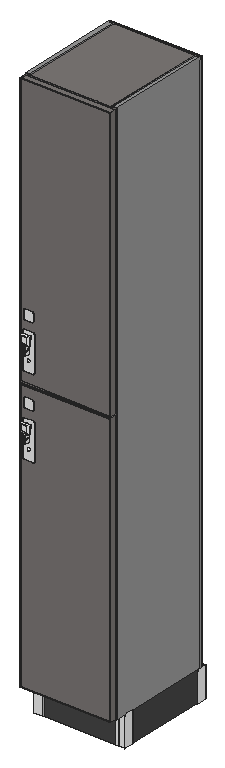
Revit family "Wood_Lockers_Hasps-Salsbury_Industries-42000_Series-1_Wide_Units.rfa", category Specialty Equipment, Revit 2016
Family settings
  Part Type = Normal
  Round Connector Dimension = Use Diameter
  OmniClass Number = 23.40.00.00
  OmniClass Title = Equipment and Furnishings
  Work Plane-Based = No
  Always vertical = Yes
  Cut with Voids When Loaded = No
  Shared = No
  Room Calculation Point = No
Parameters (values of type "42165")
  Width = 12.000"
  Version = "1.0 (01/31/24)"
  Unit Height including Sloping Hood Only [instance] = 77.743"
  Unit Height including Base Only [instance] = 76.000"
  URL = "www.lockers.com"
  Type Comments = "Premier Wood Lockers - Double Tier - with Hasps"
  Total Doors Height [instance] = if(Unit Height = 72.000", 71.750", if(Unit Height = 60.000", 59.750", 0.000"))  # 71.750"
  Sloping Top Corner Filler - Right Side [instance] = Wood Locker Sloping Corner Fillers : None
  Sloping Top Corner Filler - Left Side [instance] = Wood Locker Sloping Corner Fillers : None
  Sloping In-Line Filler - Right Side [instance] = Wood Locker Sloping In-Line Fillers : None
  Sloping In-Line Filler - Left Side [instance] = Wood Locker Sloping In-Line Fillers : None
  Sloping Hood Height = if(Depth = 15.000", 5.743", if(Depth = 18.000", 6.868", if(Depth = 21.000", 7.993", if(Depth = 24.000", 9.118", 0.000"))))  # 5.743"
  Sloping Hood [instance] = Wood Locker Sloping Hoods : None
  Side Panel without Slope - Right Side [instance] = Wood Locker Side Panels-No Slope : None
  Side Panel without Slope - Left Side [instance] = Wood Locker Side Panels-No Slope : None
  Side Panel with Slope - Right Side [instance] = Wood Locker Side Panels-With Slope : None
  Side Panel with Slope - Left Side [instance] = Wood Locker Side Panels-With Slope : None
  Secondary Structure Materials = Particle Board Industrial Grade - Salsbury Finish - Black Melamine Overlay
  Primary Structure Materials = Particle Board Industrial Grade - Salsbury Finish - Plain
  Overall Unit Height including Base and Sloping Hood [instance] = 81.743"
  OmniClass 23 Title = "Equipment and Furnishings"
  OmniClass 23 Number = "23.40.00.00"
  Model = "42165"
  MasterFormat Title = "Lockers"
  MasterFormat Code = "10 51 23"
  Manufacturer = "Salsbury Industries"
  Laminate Surface [instance] = Industrial Grade Particleboard with Wood Laminate - Salsbury Finish - Skyline Walnut
  Interior Material = Textured Melamine - Salsbury Finish - White
  Individual Door Width [instance] = 11.875"
  Unit Height = 72.000"
  Individual Door Height = if(Unit Height = 72.000", 35.781", if(Unit Height = 60.000", 29.781", 0.000"))  # 35.781"
  Hardware = Aluminum - Salsbury Finish - Black Satin
  Front Vertical Filler - Right Side [instance] = Wood Locker Front Fillers : None
  Front Vertical Filler - Left Side [instance] = Wood Locker Front Fillers : None
  Front Corner Filler - Right Side [instance] = Wood Locker Front Corner Filler : None
  Front Corner Filler - Left Side [instance] = Wood Locker Front Corner Filler : None
  Flat Top In-Line Filler - Right Side [instance] = Wood Locker Flat In-Line Fillers : None
  Flat Top In-Line Filler - Left Side [instance] = Wood Locker Flat In-Line Fillers : None
  Flat Top Corner Filler - Right Side [instance] = Wood Locker Flat Corner Fillers : None
  Flat Top Corner Filler - Left Side [instance] = Wood Locker Flat Corner Fillers : None
  Fascia Filler [instance] = Wood Locker Fascia Fillers : None
  Double Side Panel without Slope - Right Side [instance] = Wood Locker Double Side Panels-No Slope : None
  Double Side Panel without Slope - Left Side [instance] = Wood Locker Double Side Panels-No Slope : None
  Double Side Panel with Slope - Right Side [instance] = Wood Locker Double Side Panels-With Slope : None
  Double Side Panel with Slope - Left Side [instance] = Wood Locker Double Side Panels-With Slope : None
  Door Location D2 = Premier Locker Doors_Hasp : Double Tier Door-2 for Six Foot High Locker
  Door Location D1 = Premier Locker Doors_Hasp : Double Tier Door-1 for Six Foot High Locker
  Description = "1 Wide - 6 Feet High - 15 inches Deep - with Base"
  Depth = 15.000"
  Compartment Width [instance] = 10.750"
  Compartment Height [instance] = if(Unit Height = 72.000", 34.875", if(Unit Height = 60.000", 28.875", 0.000"))  # 34.875"
  Compartment Depth [instance] = 13.750"
  Base Material = Particle Board Industrial Grade - Salsbury Finish - Black Melamine Overlay
  Base Height = 4.000"
  Base Depth [instance] = 13.250"
  Base = Wood Locker Bases : Base - 12" W x 15" D Lockers
  Assembly Code = "C1030310"
Reference planes (in)
  plane 1 "Center (Front/Back)": y = 0
  plane 2: z = 0
  plane 3 "Center (Left/Right)": x = 0
  plane 4 "Right Side of Unit": x = 6
  plane 5 "Left Side of Unit": x = -6
  plane 6 "Back of Unit": y = 7.5
  plane 7 "Front of Unit": y = -7.5
  plane 8 "Bottom of Base": z = 0
  plane 9 "Top Edge of Unit": z = 76
  plane 10 "Top of Base Edge": z = 4
  plane 11: z = 81.743
  plane 12 "Right Compartment Edge": x = 5.406
  plane 13 "Left Compartment Edge": x = -5.406
  plane 14 "Front Melamine Edge": y = -6.5
  plane 15 "Back Compartment Edge": y = 7.281
  plane 16 "Front Compartment Edge": y = -6.469
  plane 17 "Front Edge of Base": y = -5.125
  plane 18 "Bottom Edge of Door": z = 4.125
  plane 19 "Top Edge of Door": z = 75.875
  plane 20 "Bottom Compartment Edge": z = 4.75
  plane 21 "Top Compartment Edge": z = 75.25
  plane 22 "Center Top and Bottom": z = 40
  plane 23 "Left Melamine Edge": x = -5.375
  plane 24 "Right Melamine Edge": x = 5.375
  plane 25 "Back Melamine Edge": y = 7.25
  plane 26 "Left Edge of Door": x = -5.875
  plane 27: y = 8.125
  plane 28: y = -5.75
  plane 29 "Base / Ventillation Alignment": y = 8.125
  plane 30 "Compartment Shelf": z = 40.375
  plane 31: z = 39.625
  plane 32: z = 39.906
  plane 33: z = 40.094
  plane 34 "5" Shelf top": z = 70.75
  plane 35: z = 70
  plane 36 "Front of Shelf": y = 2.25
  plane 37 "5" Shelf Bottom": z = 35.125
  plane 38: z = 34.375
  plane 39: y = 2.281
Forms (in)
  Extrusion 1, solid, material "Particle Board Industrial Grade - Salsbury Finish - Plain" <- "Primary Structure Materials"
    sketch origin (6, 0, 0) x (0, -1, 0) y (0, 0, 1)
      loop
        line (6.469, 76) -> (-7.25, 76) -> (-7.25, 4) -> (6.469, 4) -> (6.469, 76)
    from 0 to 0.594
  Extrusion 2, solid, material "Particle Board Industrial Grade - Salsbury Finish - Plain" <- "Primary Structure Materials"
    sketch origin (-6, 0, 0) x (0, -1, 0) y (0, 0, 1)
      loop
        line (-7.25, 76) -> (-7.25, 4) -> (6.469, 4) -> (6.469, 76) -> (-7.25, 76)
    from 0 to -0.594
  Extrusion 3, solid, material "Textured Melamine - Salsbury Finish - White" <- "Interior Material"
    sketch origin (0, 0, 4) x (0, -1, 0) y (1, 0, 0)
      loop
        line (-7.25, -5.375) -> (6.469, -5.375) -> (6.469, 5.375) -> (-7.25, 5.375) -> (-7.25, -5.375)
    from 0 to 0.75
  Extrusion 4, solid, material "Industrial Grade Particleboard with Wood Laminate - Salsbury Finish - Skyline Walnut" <- "Laminate Surface"
    sketch origin (-0.375, 0.375, 76) x (-1, 0, 0) y (0, -1, 0)
      loop
        line (-5.75, -6.875) -> (5, -6.875) -> (5, 6.875) -> (-5.75, 6.875) -> (-5.75, -6.875)
    from 0 to -0.75
  Extrusion 5, solid, material "Particle Board Industrial Grade - Salsbury Finish - Plain" <- "Primary Structure Materials"
    sketch origin (0, 7.5, 0) x (1, 0, 0) y (0, 0, 1)
      loop
        line (-6, 76) -> (-6, 4) -> (6, 4) -> (6, 76) -> (-6, 76)
    from 0 to 0.219
  Extrusion 6, solid, material "Industrial Grade Particleboard with Wood Laminate - Salsbury Finish - Skyline Walnut" <- "Laminate Surface"
    sketch origin (0, -6.469, 0) x (1, 0, 0) y (0, 0, 1)
      loop
        line (-6, 76) -> (-6, 4) -> (-5.375, 4) -> (-5.375, 76) -> (-6, 76)
    from 0 to 0.031
  Extrusion 7, solid, material "Industrial Grade Particleboard with Wood Laminate - Salsbury Finish - Skyline Walnut" <- "Laminate Surface"
    sketch origin (0, -6.469, 0) x (-1, 0, 0) y (0, 0, -1)
      loop
        line (-6, -76) -> (-5.375, -76) -> (-5.375, -4) -> (-6, -4) -> (-6, -76)
    from 0 to 0.031
  Extrusion 8, solid, material "Textured Melamine - Salsbury Finish - White" <- "Interior Material"
    sketch origin (0, 7.25, 0) x (1, 0, 0) y (0, 0, 1)
      loop
        line (-6, 76) -> (-6, 4) -> (6, 4) -> (6, 76) -> (-6, 76)
    from -0.031 to 0
  Extrusion 9, solid, material "Textured Melamine - Salsbury Finish - White" <- "Interior Material"
    sketch origin (-5.406, 0, 0) x (0, -1, 0) y (0, 0, 1)
      loop
        line (-7.25, 76) -> (-7.25, 4) -> (6.469, 4) -> (6.469, 76) -> (-7.25, 76)
    from 0 to -0.031
  Extrusion 10, solid, material "Textured Melamine - Salsbury Finish - White" <- "Interior Material"
    sketch origin (5.406, 0, 0) x (0, -1, 0) y (0, 0, 1)
      loop
        line (6.469, 76) -> (-7.25, 76) -> (-7.25, 4) -> (6.469, 4) -> (6.469, 76)
    from 0 to 0.031
  Extrusion 11, solid, material "Textured Melamine - Salsbury Finish - White" <- "Interior Material", detail levels fine
    sketch origin (0, 0, 40.375) x (0, -1, 0) y (1, 0, 0)
      loop
        line (-7.25, -5.375) -> (6.469, -5.375) -> (6.469, 5.375) -> (-7.25, 5.375) -> (-7.25, -5.375)
    from 0 to -0.75
  Extrusion 12, solid, material "Textured Melamine - Salsbury Finish - White" <- "Interior Material"
    sketch origin (0, 0, 70.75) x (0, -1, 0) y (1, 0, 0)
      loop
        line (-7.25, -5.375) -> (-2.281, -5.375) -> (-2.281, 5.375) -> (-7.25, 5.375) -> (-7.25, -5.375)
    from 0 to -0.75
  Extrusion 13, solid, material "Textured Melamine - Salsbury Finish - White" <- "Interior Material"
    sketch origin (0, 0, 35.125) x (0, -1, 0) y (1, 0, 0)
      loop
        line (-7.25, -5.375) -> (-2.281, -5.375) -> (-2.281, 5.375) -> (-7.25, 5.375) -> (-7.25, -5.375)
    from 0 to -0.75
  Extrusion 14, solid, material "Industrial Grade Particleboard with Wood Laminate - Salsbury Finish - Skyline Walnut" <- "Laminate Surface"
    sketch origin (0, -6.5, 0) x (1, 0, 0) y (0, 0, 1)
      loop
        line (-5.375, 40.375) -> (-5.375, 39.625) -> (5.375, 39.625) -> (5.375, 40.375) -> (-5.375, 40.375)
    from 0 to -0.031
  Extrusion 15, solid, material "Industrial Grade Particleboard with Wood Laminate - Salsbury Finish - Skyline Walnut" <- "Laminate Surface"
    sketch origin (0, -6.5, 0) x (1, 0, 0) y (0, 0, 1)
      loop
        line (-5.375, 4.75) -> (-5.375, 4) -> (5.375, 4) -> (5.375, 4.75) -> (-5.375, 4.75)
    from 0 to -0.031
  Extrusion 16, solid, material "Industrial Grade Particleboard with Wood Laminate - Salsbury Finish - Skyline Walnut" <- "Laminate Surface"
    sketch origin (0, 2.25, 0) x (1, 0, 0) y (0, 0, 1)
      loop
        line (-5.375, 70.75) -> (-5.375, 70) -> (5.375, 70) -> (5.375, 70.75) -> (-5.375, 70.75)
    from 0 to -0.031
  Extrusion 17, solid, material "Industrial Grade Particleboard with Wood Laminate - Salsbury Finish - Skyline Walnut" <- "Laminate Surface"
    sketch origin (0, 2.25, -35.625) x (1, 0, 0) y (0, 0, 1)
      loop
        line (-5.375, 70.75) -> (-5.375, 70) -> (5.375, 70) -> (5.375, 70.75) -> (-5.375, 70.75)
    from 0 to -0.031
Lines and regions (in)
  symbolic lines
    curve 1: line (-6, 7.25, 76) -> (6.00006, 7.25, 76)
    curve 2: line (-6, 7.25, 0) -> (-6, 7.25, 76)
    curve 3: line (6.00006, 7.25, 76) -> (6.00006, 7.25, 0)
    curve 4: line (5.406, -6.5, 76) -> (5.406, 8.125, 76)
    curve 5: line (5.406, -6.5, 0) -> (5.406, -6.5, 76)
    curve 6: line (5.406, 8.125, 76) -> (5.406, 8.125, 0)
    curve 7: line (6.00006, 7.25, 0) -> (-6, 7.25, 0)
    curve 8: line (5.406, -5.125, 0) -> (5.406, 8.125, 0)
    curve 9: line (5.406, 8.125, 0) -> (5.406, -5.125, 0)
    curve 10: line (5.406, -6.5, 0) -> (5.406, 8.125, 0)
    curve 11: line (-6, 8.125, 0) -> (6, 8.125, 0)
    curve 12: line (-6, -6.5, 0) -> (-6, 8.125, 0)
    curve 13: line (6, -6.5, 0) -> (-6, -6.5, 0)
    curve 14: line (6, 8.125, 0) -> (6, -6.5, 0)
Dimensions and locks (in)
  equal spacing: plane 5 "Left Side of Unit", plane 3 "Center (Left/Right)", plane 4 "Right Side of Unit"
  "Width": plane 5 "Left Side of Unit" to plane 4 "Right Side of Unit"
  equal spacing: plane 7 "Front of Unit", plane 1 "Center (Front/Back)", plane 6 "Back of Unit"
  "Depth": plane 7 "Front of Unit" to plane 6 "Back of Unit"
  "Base Height": plane 10 "Top of Base Edge" to plane 8 "Bottom of Base"
  "Unit Height": plane 9 "Top Edge of Unit" to plane 10 "Top of Base Edge"
  "Sloping Hood Height": plane 11 to plane 9 "Top Edge of Unit"
  locked: plane 12 "Right Compartment Edge" to plane 4 "Right Side of Unit" at 0.594
  locked: plane 5 "Left Side of Unit" to plane 13 "Left Compartment Edge" at 0.594
  locked: plane 7 "Front of Unit" to plane 14 "Front Melamine Edge" at 1
  locked: plane 15 "Back Compartment Edge" to plane 6 "Back of Unit" at 0.219
  locked: plane 14 "Front Melamine Edge" to plane 16 "Front Compartment Edge" at 0.031
  plane 18 "Bottom Edge of Door" to plane 10 "Top of Base Edge" = 0.125"
  plane 9 "Top Edge of Unit" to plane 19 "Top Edge of Door" = 0.125"
  plane 20 "Bottom Compartment Edge" to plane 10 "Top of Base Edge" = 0.750"
  plane 9 "Top Edge of Unit" to plane 21 "Top Compartment Edge" = 0.750"
  equal spacing: plane 9 "Top Edge of Unit", plane 22 "Center Top and Bottom", plane 10 "Top of Base Edge"
  locked: plane 24 "Right Melamine Edge" to plane 12 "Right Compartment Edge" at 0.031
  locked: plane 13 "Left Compartment Edge" to plane 23 "Left Melamine Edge" at 0.031
  locked: plane 25 "Back Melamine Edge" to plane 15 "Back Compartment Edge" at 0.031
  locked: plane 5 "Left Side of Unit" to plane 26 "Left Edge of Door" at 0.125
  "Individual Door Width": plane 26 "Left Edge of Door" to plane 4 "Right Side of Unit"
  "Total Doors Height": plane 19 "Top Edge of Door" to plane 18 "Bottom Edge of Door"
  "Unit Height including Base Only": plane 9 "Top Edge of Unit" to plane 8 "Bottom of Base"
  "Unit Height including Sloping Hood Only": plane 11 to plane 10 "Top of Base Edge"
  "Overall Unit Height including Base and Sloping Hood": plane 11 to plane 8 "Bottom of Base"
  locked: plane 7 "Front of Unit" to plane 17 "Front Edge of Base" at 2.375
  locked: plane 6 "Back of Unit" to plane 27 at 0.625
  "Base Depth": plane 17 "Front Edge of Base" to plane 27
  "Compartment Width": plane 23 "Left Melamine Edge" to plane 24 "Right Melamine Edge"
  "Compartment Height": plane 31 to plane 20 "Bottom Compartment Edge"
  "Compartment Depth": plane 14 "Front Melamine Edge" to plane 25 "Back Melamine Edge"
  locked: plane 14 "Front Melamine Edge" to plane 28 at 0.75
  plane 14 "Front Melamine Edge" to plane 27 = 14.625"
  Extrusion 2 to Extrusion 9 = 13.719"
  plane 6 "Back of Unit" to plane 29 "Base / Ventillation Alignment" = 0.625"
  locked: plane 30 "Compartment Shelf" to plane 31 at 0.75
  locked: plane 33 to plane 32 at 0.188
  "Individual Door Height": plane 32 to plane 18 "Bottom Edge of Door"
  plane 21 "Top Compartment Edge" to plane 34 "5" Shelf top" to plane 35 = 4.500" locked, 0.750" locked
  locked: plane 36 "Front of Shelf" to plane 25 "Back Melamine Edge" at 5
  plane 31 to plane 37 "5" Shelf Bottom" to plane 38 = 4.500" locked, 0.750" locked
  locked: plane 36 "Front of Shelf" to plane 39 at 0.031
  aligned and locked: level to plane 2
  aligned and locked: plane 15 "Back Compartment Edge" to Extrusion 5
  aligned and locked: plane 4 "Right Side of Unit" to nested 1
  aligned and locked: plane 18 "Bottom Edge of Door" to nested 1
  aligned and locked: plane 7 "Front of Unit" to nested 1
  aligned and locked: plane 9 "Top Edge of Unit" to nested 2
  aligned and locked: plane 14 "Front Melamine Edge" to nested 2
  aligned and locked: plane 5 "Left Side of Unit" to nested 3
  aligned and locked: plane 14 "Front Melamine Edge" to nested 3
  aligned and locked: plane 9 "Top Edge of Unit" to nested 3
  aligned and locked: plane 4 "Right Side of Unit" to nested 4
  aligned and locked: nested 4 to plane 9 "Top Edge of Unit"
  aligned and locked: nested 4 to plane 14 "Front Melamine Edge"
  aligned and locked: plane 9 "Top Edge of Unit" to nested 5
  aligned and locked: plane 28 to nested 5
  aligned and locked: nested 6 to plane 28
  aligned and locked: plane 5 "Left Side of Unit" to nested 6
  aligned and locked: plane 4 "Right Side of Unit" to nested 5
  aligned and locked: nested 6 to plane 9 "Top Edge of Unit"
  aligned and locked: nested 8 to plane 5 "Left Side of Unit"
  aligned and locked: nested 7 to plane 4 "Right Side of Unit"
  aligned and locked: plane 14 "Front Melamine Edge" to nested 7
  aligned and locked: nested 8 to plane 14 "Front Melamine Edge"
  aligned and locked: plane 10 "Top of Base Edge" to nested 7
  aligned and locked: nested 8 to plane 10 "Top of Base Edge"
  aligned and locked: plane 5 "Left Side of Unit" to nested 9
  aligned and locked: plane 4 "Right Side of Unit" to nested 10
  aligned and locked: nested 10 to plane 10 "Top of Base Edge"
  aligned and locked: plane 10 "Top of Base Edge" to nested 9
  aligned and locked: plane 16 "Front Compartment Edge" to nested 10
  aligned and locked: nested 9 to plane 14 "Front Melamine Edge"
  aligned and locked: plane 4 "Right Side of Unit" to nested 11
  aligned and locked: nested 11 to plane 10 "Top of Base Edge"
  aligned and locked: plane 14 "Front Melamine Edge" to nested 11
  aligned and locked: plane 14 "Front Melamine Edge" to nested 12
  aligned and locked: nested 12 to nested 4
  aligned and locked: plane 10 "Top of Base Edge" to nested 12
  aligned and locked: nested 13 to plane 5 "Left Side of Unit"
  aligned and locked: nested 13 to plane 14 "Front Melamine Edge"
  aligned and locked: nested 13 to plane 10 "Top of Base Edge"
  aligned and locked: plane 14 "Front Melamine Edge" to nested 14
  aligned and locked: nested 14 to plane 4 "Right Side of Unit"
  aligned and locked: nested 15 to plane 14 "Front Melamine Edge"
  aligned and locked: nested 15 to plane 5 "Left Side of Unit"
  aligned and locked: plane 10 "Top of Base Edge" to nested 14
  aligned and locked: nested 15 to plane 10 "Top of Base Edge"
  aligned and locked: plane 14 "Front Melamine Edge" to nested 16
  aligned and locked: plane 4 "Right Side of Unit" to nested 16
  aligned and locked: nested 17 to plane 14 "Front Melamine Edge"
  aligned and locked: plane 5 "Left Side of Unit" to nested 17
  aligned and locked: nested 16 to plane 8 "Bottom of Base"
  aligned and locked: nested 17 to plane 8 "Bottom of Base"
  aligned and locked: nested 18 to plane 5 "Left Side of Unit"
  aligned and locked: nested 19 to plane 4 "Right Side of Unit"
  aligned and locked: nested 19 to plane 14 "Front Melamine Edge"
  aligned and locked: plane 14 "Front Melamine Edge" to nested 18
  aligned and locked: plane 8 "Bottom of Base" to nested 19
  aligned and locked: nested 18 to plane 8 "Bottom of Base"
  aligned and locked: plane 17 "Front Edge of Base" to nested 20
  aligned and locked: plane 9 "Top Edge of Unit" to nested 21
  aligned and locked: plane 5 "Left Side of Unit" to nested 21
  aligned and locked: nested 22 to plane 9 "Top Edge of Unit"
  aligned and locked: plane 4 "Right Side of Unit" to nested 22
  aligned and locked: nested 22 to plane 14 "Front Melamine Edge"
  aligned and locked: nested 21 to plane 14 "Front Melamine Edge"
  aligned and locked: nested 24 to plane 9 "Top Edge of Unit"
  aligned and locked: plane 4 "Right Side of Unit" to nested 24
  aligned and locked: nested 23 to plane 9 "Top Edge of Unit"
  aligned and locked: plane 5 "Left Side of Unit" to nested 23
  aligned and locked: nested 24 to plane 28
  aligned and locked: nested 23 to plane 28
  aligned and locked: plane 14 "Front Melamine Edge" to nested 25
  aligned and locked: plane 9 "Top Edge of Unit" to nested 25
  aligned and locked: plane 8 "Bottom of Base" to nested 20
  aligned and locked: plane 3 "Center (Left/Right)" to nested 20
  aligned and locked: plane 25 "Back Melamine Edge" to Extrusion 3 sketch curve
  aligned and locked: Extrusion 3 sketch curve to plane 23 "Left Melamine Edge"
  aligned and locked: plane 24 "Right Melamine Edge" to Extrusion 3 sketch curve
  aligned and locked: Extrusion 4 to plane 9 "Top Edge of Unit"
  aligned and locked: plane 21 "Top Compartment Edge" to Extrusion 4
  aligned and locked: Extrusion 2 sketch curve to plane 9 "Top Edge of Unit"
  aligned and locked: plane 16 "Front Compartment Edge" to Extrusion 2 sketch curve
  aligned and locked: Extrusion 2 sketch curve to plane 25 "Back Melamine Edge"
  aligned and locked: plane 10 "Top of Base Edge" to Extrusion 2 sketch curve
  aligned and locked: Extrusion 2 to plane 13 "Left Compartment Edge"
  aligned and locked: plane 5 "Left Side of Unit" to Extrusion 2
  aligned and locked: plane 10 "Top of Base Edge" to Extrusion 9 sketch curve
  aligned and locked: Extrusion 9 sketch curve to plane 25 "Back Melamine Edge"
  aligned and locked: Extrusion 9 sketch curve to plane 9 "Top Edge of Unit"
  aligned and locked: Extrusion 1 sketch curve to plane 16 "Front Compartment Edge"
  aligned and locked: plane 9 "Top Edge of Unit" to Extrusion 1 sketch curve
  aligned and locked: Extrusion 1 sketch curve to plane 10 "Top of Base Edge"
  aligned and locked: plane 25 "Back Melamine Edge" to Extrusion 1 sketch curve
  aligned and locked: Extrusion 1 to plane 4 "Right Side of Unit"
  aligned and locked: plane 12 "Right Compartment Edge" to Extrusion 1
  aligned and locked: Extrusion 10 sketch curve to plane 10 "Top of Base Edge"
  aligned and locked: plane 25 "Back Melamine Edge" to Extrusion 10 sketch curve
  aligned and locked: Extrusion 10 sketch curve to plane 16 "Front Compartment Edge"
  aligned and locked: plane 9 "Top Edge of Unit" to Extrusion 10 sketch curve
  aligned and locked: Extrusion 10 to plane 12 "Right Compartment Edge"
  aligned and locked: plane 24 "Right Melamine Edge" to Extrusion 10
  aligned and locked: Extrusion 8 sketch curve to plane 10 "Top of Base Edge"
  aligned and locked: plane 4 "Right Side of Unit" to Extrusion 8 sketch curve
  aligned and locked: plane 9 "Top Edge of Unit" to Extrusion 8 sketch curve
  aligned and locked: Extrusion 8 sketch curve to plane 5 "Left Side of Unit"
  aligned and locked: Extrusion 8 to plane 15 "Back Compartment Edge"
  aligned and locked: plane 25 "Back Melamine Edge" to Extrusion 8
  aligned and locked: plane 9 "Top Edge of Unit" to Extrusion 5 sketch curve
  aligned and locked: Extrusion 5 sketch curve to plane 5 "Left Side of Unit"
  aligned and locked: Extrusion 5 sketch curve to plane 10 "Top of Base Edge"
  aligned and locked: plane 4 "Right Side of Unit" to Extrusion 5 sketch curve
  aligned and locked: Extrusion 7 sketch curve to plane 9 "Top Edge of Unit"
  aligned and locked: Extrusion 7 sketch curve to plane 4 "Right Side of Unit"
  aligned and locked: plane 24 "Right Melamine Edge" to Extrusion 7 sketch curve
  aligned and locked: plane 10 "Top of Base Edge" to Extrusion 7 sketch curve
  aligned and locked: Extrusion 7 to plane 16 "Front Compartment Edge"
  aligned and locked: plane 14 "Front Melamine Edge" to Extrusion 7
  aligned and locked: Extrusion 6 sketch curve to plane 10 "Top of Base Edge"
  aligned and locked: plane 23 "Left Melamine Edge" to Extrusion 6 sketch curve
  aligned and locked: Extrusion 6 sketch curve to plane 5 "Left Side of Unit"
  aligned and locked: plane 9 "Top Edge of Unit" to Extrusion 6 sketch curve
  aligned and locked: Extrusion 6 to plane 16 "Front Compartment Edge"
  aligned and locked: plane 14 "Front Melamine Edge" to Extrusion 6
  aligned and locked: plane 16 "Front Compartment Edge" to Extrusion 9
  aligned and locked: plane 13 "Left Compartment Edge" to Extrusion 9
  aligned and locked: nested 3 to curve 1
  aligned and locked: curve 2 to nested 17
  aligned and locked: curve 4 to nested 2
  aligned and locked: nested 16 to curve 5
  aligned and locked: curve 9 to nested 20
  aligned and locked: curve 10 to nested 16
  aligned and locked: curve 12 to plane 5 "Left Side of Unit"
  aligned and locked: plane 29 "Base / Ventillation Alignment" to curve 11
  aligned and locked: plane 3 "Center (Left/Right)" to nested 2
  aligned and locked: plane 3 "Center (Left/Right)" to nested 25
  aligned and locked: plane 29 "Base / Ventillation Alignment" to curve 6
  aligned and locked: plane 25 "Back Melamine Edge" to Extrusion 11 sketch curve
  aligned and locked: Extrusion 11 sketch curve to plane 23 "Left Melamine Edge"
  aligned and locked: plane 24 "Right Melamine Edge" to Extrusion 11 sketch curve
  aligned and locked: plane 33 to nested 26
  aligned and locked: plane 4 "Right Side of Unit" to nested 26
  aligned and locked: plane 7 "Front of Unit" to nested 26
  aligned and locked: plane 35 to Extrusion 12
  aligned and locked: plane 23 "Left Melamine Edge" to Extrusion 12
  aligned and locked: Extrusion 12 to plane 24 "Right Melamine Edge"
  aligned and locked: Extrusion 12 to plane 25 "Back Melamine Edge"
  aligned and locked: Extrusion 13 to plane 37 "5" Shelf Bottom"
  aligned and locked: plane 38 to Extrusion 13
  aligned and locked: plane 23 "Left Melamine Edge" to Extrusion 13
  aligned and locked: Extrusion 13 to plane 24 "Right Melamine Edge"
  aligned and locked: Extrusion 13 to plane 25 "Back Melamine Edge"
  aligned and locked: Extrusion 12 to plane 34 "5" Shelf top"
  aligned and locked: plane 14 "Front Melamine Edge" to Extrusion 4
  aligned and locked: plane 16 "Front Compartment Edge" to Extrusion 11
  aligned and locked: plane 31 to Extrusion 11
  aligned and locked: Extrusion 11 to plane 30 "Compartment Shelf"
  aligned and locked: Extrusion 14 to Extrusion 11  (x2)
  aligned and locked: Extrusion 14 to Extrusion 6
  aligned and locked: Extrusion 14 to Extrusion 7
  aligned and locked: Extrusion 14 to plane 16 "Front Compartment Edge"
  aligned and locked: plane 14 "Front Melamine Edge" to Extrusion 14
  aligned and locked: plane 16 "Front Compartment Edge" to Extrusion 3
  aligned and locked: Extrusion 15 sketch curve to Extrusion 3  (x3)
  aligned and locked: Extrusion 7 to Extrusion 15 sketch curve
  aligned and locked: Extrusion 15 to plane 16 "Front Compartment Edge"
  aligned and locked: plane 14 "Front Melamine Edge" to Extrusion 15
  aligned and locked: plane 39 to Extrusion 12
  aligned and locked: Extrusion 16 sketch curve to Extrusion 12  (x4)
  aligned and locked: Extrusion 17 to Extrusion 13  (x2)
  aligned and locked: Extrusion 17 to Extrusion 6
  aligned and locked: Extrusion 17 to Extrusion 7
  aligned and locked: Extrusion 17 to Extrusion 12
  aligned and locked: plane 36 "Front of Shelf" to Extrusion 17
  aligned and locked: Extrusion 13 to Extrusion 12
Automatic sketch dimensions
  plane 16 "Front Compartment Edge" to Extrusion 3 sketch curve = 0.000"
  plane 14 "Front Melamine Edge" to Extrusion 4 sketch curve = 0.000"
  Extrusion 4 sketch curve to plane 24 "Right Melamine Edge" = 0.000"
  Extrusion 4 sketch curve to plane 23 "Left Melamine Edge" = 0.000"
  plane 25 "Back Melamine Edge" to Extrusion 4 sketch curve = 0.000"
  Extrusion 9 sketch curve to plane 16 "Front Compartment Edge" = 0.000"
  curve 3 to level = 0.000"
  curve 3 to plane 4 "Right Side of Unit" = 0.00006"
  curve 8 to plane 17 "Front Edge of Base" = 0.000"
  curve 9 to plane 17 "Front Edge of Base" = 0.000"
  plane 14 "Front Melamine Edge" to curve 13 = 0.000"
  curve 13 to plane 4 "Right Side of Unit" = 0.000"
  plane 16 "Front Compartment Edge" to Extrusion 11 sketch curve = 0.000"
  Extrusion 12 sketch curve to plane 24 "Right Melamine Edge" = 0.000"
  plane 25 "Back Melamine Edge" to Extrusion 12 sketch curve = 0.000"
  Extrusion 12 sketch curve to plane 23 "Left Melamine Edge" = 0.000"
  plane 39 to Extrusion 12 sketch curve = 0.000"
  Extrusion 13 sketch curve to plane 24 "Right Melamine Edge" = 0.000"
  plane 25 "Back Melamine Edge" to Extrusion 13 sketch curve = 0.000"
  Extrusion 13 sketch curve to plane 23 "Left Melamine Edge" = 0.000"
  Extrusion 13 sketch curve to plane 36 "Front of Shelf" = 0.031"
  plane 23 "Left Melamine Edge" to Extrusion 14 sketch curve = 0.000"
  plane 24 "Right Melamine Edge" to Extrusion 14 sketch curve = 0.000"
  Extrusion 14 sketch curve to plane 31 = 0.000"
  Extrusion 14 sketch curve to plane 30 "Compartment Shelf" = 0.000"
  plane 23 "Left Melamine Edge" to Extrusion 17 sketch curve = 0.000"
  plane 24 "Right Melamine Edge" to Extrusion 17 sketch curve = 0.000"
  Extrusion 17 sketch curve to plane 38 = 0.000"
  Extrusion 17 sketch curve to plane 37 "5" Shelf Bottom" = 0.000"
Nested families (in)
  nested 1: "Premier Locker Doors_Hasp" at (0.0625, -7.125, 4.125), type <- "Door Location D2", type "Double Tier Door-2 for Six Foot High Locker"
  nested 2: "Wood Locker Sloping Hoods" at (0, 0.8125, 76), type <- "Sloping Hood", type "None"
  nested 3: "Wood Locker Sloping Corner Fillers" at (-15.25, 0.5, 76), type <- "Sloping Top Corner Filler - Left Side", type "None"
  nested 4: "Wood Locker Sloping Corner Fillers" at (15.25, 0.5, 76) x (-1, 0, 0) z (0, 0, 1), type <- "Sloping Top Corner Filler - Right Side", type "None"
  nested 5: "Wood Locker Flat Corner Fillers" at (13.5, -2.125, 75.25), type <- "Flat Top Corner Filler - Right Side", type "None"
  nested 6: "Wood Locker Flat Corner Fillers" at (-13.5, -2.125, 75.25) x (-1, 0, 0) z (0, 0, 1), type <- "Flat Top Corner Filler - Left Side", type "None"
  nested 7: "Wood Locker Side Panels-No Slope" at (6.375, 0.5, 4) x (0, 1, 0) z (0, 0, 1), type <- "Side Panel without Slope - Right Side", type "None"
  nested 8: "Wood Locker Side Panels-No Slope" at (-6.375, 0.5, 4) x (0, 1, 0) z (0, 0, 1), type <- "Side Panel without Slope - Left Side", type "None"
  nested 9: "Wood Locker Side Panels-With Slope" at (-6.375, 0.8125, 4) x (0, -1, 0) z (0, 0, 1), type <- "Side Panel with Slope - Left Side", type "None"
  nested 10: "Wood Locker Side Panels-With Slope" at (6.375, 0.8435, 4) x (0, -1, 0) z (0, 0, 1), type <- "Side Panel with Slope - Right Side", type "None"
  nested 11: "Wood Locker Side Panels-With Slope" at (6.375, 0.8125, 4) x (0, -1, 0) z (0, 0, 1), type <- "Side Panel with Slope - Right Side", type "None"
  nested 12: "Wood Locker Double Side Panels-No Slope" at (6.375, 0.5, 4) x (0, 1, 0) z (0, 0, 1), type <- "Double Side Panel without Slope - Right Side", type "None"
  nested 13: "Wood Locker Double Side Panels-No Slope" at (-6.375, 0.5, 4) x (0, 1, 0) z (0, 0, 1), type <- "Double Side Panel without Slope - Left Side", type "None"
  nested 14: "Wood Locker Double Side Panels-With Slope" at (6.375, 0.5, 4) x (0, 1, 0) z (0, 0, 1), type <- "Double Side Panel with Slope - Right Side", type "None"
  nested 15: "Wood Locker Double Side Panels-With Slope" at (-6.375, 0.5, 4) x (0, 1, 0) z (0, 0, 1), type <- "Double Side Panel with Slope - Left Side", type "None"
  nested 16: "Wood Locker Front Fillers" at (13.5, -6.125, 0), type <- "Front Vertical Filler - Right Side", type "None"
  nested 17: "Wood Locker Front Fillers" at (-13.5, -6.125, 0) x (-1, 0, 0) z (0, 0, 1), type <- "Front Vertical Filler - Left Side", type "None"
  nested 18: "Wood Locker Front Corner Filler" at (-7.125, -6.125, 0), type <- "Front Corner Filler - Left Side", type "None"
  nested 19: "Wood Locker Front Corner Filler" at (7.125, -6.125, 0) x (-1, 0, 0) z (0, 0, 1), type <- "Front Corner Filler - Right Side", type "None"
  nested 20: "Wood Locker Bases" at (0, 1.5, 0), type <- "Base", type "Base - 12" W x 15" D Lockers"
  nested 21: "Wood Locker Sloping In-Line Fillers" at (-12, 0.5, 76), type <- "Sloping In-Line Filler - Left Side", type "None"
  nested 22: "Wood Locker Sloping In-Line Fillers" at (12, 0.5, 76) x (-1, 0, 0) z (0, 0, 1), type <- "Sloping In-Line Filler - Right Side", type "None"
  nested 23: "Wood Locker Flat In-Line Fillers" at (-13.5, 0.875, 75.25), type <- "Flat Top In-Line Filler - Left Side", type "None"
  nested 24: "Wood Locker Flat In-Line Fillers" at (13.5, 0.875, 75.25) x (-1, 0, 0) z (0, 0, 1), type <- "Flat Top In-Line Filler - Right Side", type "None"
  nested 25: "Wood Locker Fascia Fillers" at (0, -6.125, 76), type <- "Fascia Filler", type "None"
  nested 26: "Premier Locker Doors_Hasp" at (0.0625, -7.125, 40.094), type <- "Door Location D1", type "Double Tier Door-1 for Six Foot High Locker"
Definition of nested family "Premier Locker Doors_Hasp"
  Parameters (values of type "Single Tier Door for Six Foot High Locker")
    Width = 11.875"
    Visible Number Plates = yes
    Visible Center Hinge = yes
    Primary Structure Materials = none
    Number Tag-Vertical Offset = 31.625"
    Number Tag-Horizontal Offset = 10.750"
    Number Tag Width = 1.250"
    Number Tag Height = 1.250"
    Model = "Premier Locker Doors"
    Manufacturer = "Salsbury Industries"
    Lock Width = 1.500"
    Lock Height = 4.875"
    Laminate Surface = none
    Height = 71.750"
    Lock Vertical Offset = 35.875"
    Lock Horizontal Offset = 0.375"
    Door Trim = none
    Door Hasps = none
    Depth = 0.750"
    Default Elevation = 48.000"
  Types (8): name | Visible Center Hinge | Number Tag-Vertical Offset | Height | Lock Vertical Offset
    Single Tier Door for Six Foot High Locker | yes | 31.625" | 71.750" | 35.875"
    Double Tier Door-1 for Six Foot High Locker | no | 27.641" | 35.781" | 31.891"
    Double Tier Door-2 for Six Foot High Locker | yes | 2.078" | 35.781" | 6.328"
    Triple Tier Door-1 for Six Foot High Locker | no | 15.651" | 23.791" | 19.901"
    Triple Tier Door-2 for Six Foot High Locker | no | 7.646" | 23.791" | 11.896"
    Triple Tier Door-3 for Six Foot High Locker | no | 2.078" | 23.791" | 6.328"
    Four Tier Door for Six Foot High Locker | no | 4.647" | 17.796" | 8.897"
    Six Tier Door for Six Foot High Locker | no | 1.650" | 11.801" | 5.900"
  Reference planes (in)
    plane 1 "Center (Front/Back)": y = 0
    plane 2: z = 0
    plane 3 "Center (Left/Right)": x = 0
    plane 4 "Left Side of Door": x = -5.9375
    plane 5 "Right Side of Door": x = 5.9375
    plane 6 "Back of Door": y = 0.375
    plane 7 "Front of Door": y = -0.375
    plane 8 "Bottom of Door": z = 0
    plane 9 "Top of Door": z = 71.75
    plane 10 "Center of Door": z = 35.875
    plane 11 "Top of Number Tag": z = 40.75
    plane 12 "Bottom of Number Tag": z = 39.5
    plane 13 "Left Side of Number Tag": x = -5.4375
    plane 14 "Right Side of Number Tag": x = -4.1875
    plane 15 "Horizontal Center of Number Tag": x = -4.8125
    plane 16 "Center of Number Tag": z = 40.125
    plane 17 "Left Side of Lock": x = -5.5625
    plane 18 "Right Side of Lock": x = -4.0625
    plane 19 "Lock Vertical Center": z = 35.875
    plane 20 "Top of Lock": z = 38.3125
    plane 21 "Bottom of Lock": z = 33.4375
    plane 22 "Front of Hasp Stud": y = -0.5
    plane 23 "Left Side of Door-Right Side of Trim": x = -5.8125
    plane 24 "Right Side of Door-Left Side of Trim": x = 5.8125
    plane 25 "Top of Door-Bottom of Trim": z = 71.625
    plane 26 "Bottom of Door-Top of Trim": z = 0.125
    plane 27 "Laminate-Particleboard Line": y = -0.344
    plane 28 "Melamine-Particleboard Line": y = 0.344
    plane 29 "Back of Number Plate Inset": y = -0.313
    plane 30 "Center of Lock": x = -4.8125
    plane 31: y = -0.188
    plane 32 "Door Stopper Plane": y = 0.625
    plane 33: x = -5.4875
    plane 34: z = 71.3
    plane 35 "Top Hinge": z = 68.75
    plane 36: x = 5.3125
    plane 37 "Bottom Hinge": z = 3
    plane 38 "Inner Knob": y = -1.094
    plane 39 "Front of Knob": y = -1.125
    plane 40: z = 37.1875
    plane 41: z = 34.5625
    plane 42: z = 38.1875
    plane 43: x = -4.1875
    plane 44: x = -5.4375
    plane 45: z = 36.9375
    plane 46 "Top of Hole": z = 36.8125
    plane 47: x = -4.6245
    plane 48: x = -5.0005
    plane 49 "Bottom of Hole": z = 35.5625
    plane 50 "Stud Alignment": z = 34.8125
    plane 51 "Center of Handle": z = 37.5625
    plane 52: z = 37.7505
    plane 53: z = 37.3745
    plane 54: z = 37.96546
    plane 55: z = 37.15954
    plane 56 "Front of Latch": y = -1
    plane 57: z = 36.6844
    plane 58: z = 35.6844
    plane 59: z = 36.1844
    plane 60: x = 5.3435
    plane 61: z = 36.6245
    plane 62: z = 35.74816
  Forms (in)
    Extrusion 1, solid, detail levels fine
      sketch origin (0, 0, 0) x (1, 0, 0) y (0, 0, 1)
        loop
          line (-5.9065, 0.031) -> (5.9065, 0.031) -> (5.9065, 71.719) -> (-5.9065, 71.719) -> (-5.9065, 0.031)
      from -0.344 to 0.344
    Extrusion 2, solid, material <- "Laminate Surface", detail levels fine
      sketch origin (0, 0.375, 0) x (1, 0, 0) y (0, 0, 1)
        loop
          line (-5.9065, 0.031) -> (5.9065, 0.031) -> (5.9065, 71.719) -> (-5.9065, 71.719) -> (-5.9065, 0.031)
      from 0.031 to 0
    Extrusion 3, solid, material <- "Laminate Surface"
      sketch origin (0, -0.375, 0) x (1, 0, 0) y (0, 0, 1)
        loop
          line (-5.9065, 0.031) -> (5.9065, 0.031) -> (5.9065, 71.719) -> (-5.9065, 71.719) -> (-5.9065, 0.031)
      from 0 to -0.031
    Sweep 4, solid, material <- "Door Trim"
      path origin (0, 0, 0) x (1, 0, 0) y (0, 0, 1)
        loop
          line (5.8125, 71.625) -> (-5.8125, 71.625) -> (-5.8125, 0.125) -> (5.8125, 0.125) -> (5.8125, 71.625)
      profile origin (0, 0, 71.625) x (0, 0, -1) y (0, -1, 0)
        loop
          line (-0.125, 0.375) -> (-0.125, -0.375) -> (-0.094, -0.375) -> (-0.094, 0.375) -> (-0.125, 0.375)
    Extrusion 5, void
      sketch origin (-1.875, -0.313, 0) x (1, 0, 0) y (0, 0, 1)
        loop
          arc (-3.41334, 40.75) -> (-3.51881, 40.70631) -> (-3.5625, 40.60084) r 0.14916
          line (-3.5625, 40.60084) -> (-3.5625, 39.64916)
          arc (-3.5625, 39.64916) -> (-3.51881, 39.54369) -> (-3.41334, 39.5) r 0.14916
          line (-3.41334, 39.5) -> (-2.46166, 39.5)
          arc (-2.46166, 39.5) -> (-2.35619, 39.54369) -> (-2.3125, 39.64916) r 0.14916
          line (-2.3125, 39.64916) -> (-2.3125, 40.60084)
          arc (-2.3125, 40.60084) -> (-2.35619, 40.70631) -> (-2.46166, 40.75) r 0.14916
          line (-2.46166, 40.75) -> (-3.41334, 40.75)
      from 0 to 0.062
    Extrusion 6, solid, visible <- "Visible Number Plates", detail levels medium+fine
      sketch origin (-1.875, -0.375, 0) x (1, 0, 0) y (0, 0, 1)
        loop
          arc (-3.41334, 40.75) -> (-3.51881, 40.70631) -> (-3.5625, 40.60084) r 0.14916
          line (-3.5625, 40.60084) -> (-3.5625, 39.64916)
          arc (-3.5625, 39.64916) -> (-3.51881, 39.54369) -> (-3.41334, 39.5) r 0.14916
          line (-3.41334, 39.5) -> (-2.46166, 39.5)
          arc (-2.46166, 39.5) -> (-2.35619, 39.54369) -> (-2.3125, 39.64916) r 0.14916
          line (-2.3125, 39.64916) -> (-2.3125, 40.60084)
          arc (-2.3125, 40.60084) -> (-2.35619, 40.70631) -> (-2.46166, 40.75) r 0.14916
          line (-2.46166, 40.75) -> (-3.41334, 40.75)
      from -0.062 to 0
    Extrusion 7, solid, detail levels medium+fine
      sketch origin (0, 0.375, 0) x (1, 0, 0) y (0, 0, 1)
        loop
          circle (-5.4875, 71.3) r 0.25
      from 0 to -0.25
    Extrusion 8, solid, detail levels medium+fine
      sketch origin (0, 0.375, 0) x (1, 0, 0) y (0, 0, 1)
        loop
          line (5.3125, 68.5) -> (5.3125, 69) -> (4.8125, 69) -> (4.8125, 68.5) -> (5.3125, 68.5)
      from 0 to -0.25
    Extrusion 9, solid, detail levels medium+fine
      sketch origin (0, 0.375, -0.25) x (1, 0, 0) y (0, 0, 1)
        loop
          line (5.3125, 3) -> (5.3125, 3.5) -> (4.8125, 3.5) -> (4.8125, 3) -> (5.3125, 3)
      from 0 to -0.25
    Extrusion 10, solid, visible <- "Visible Center Hinge", detail levels medium+fine
      sketch origin (0, 0.375, -0.25) x (1, 0, 0) y (0, 0, 1)
        loop
          line (5.3125, 35.875) -> (5.3125, 36.375) -> (4.8125, 36.375) -> (4.8125, 35.875) -> (5.3125, 35.875)
      from 0 to -0.25
    Extrusion 11, void
      sketch origin (-1.875, -0.375, 0) x (1, 0, 0) y (0, 0, 1)
        loop
          arc (-3.5625, 38.3125) -> (-3.65089, 38.27589) -> (-3.6875, 38.1875) r 0.125
          line (-3.6875, 38.1875) -> (-3.6875, 33.5625)
          arc (-3.6875, 33.5625) -> (-3.65089, 33.47411) -> (-3.5625, 33.4375) r 0.125
          line (-3.5625, 33.4375) -> (-2.3125, 33.4375)
          arc (-2.3125, 33.4375) -> (-2.22411, 33.47411) -> (-2.1875, 33.5625) r 0.125
          line (-2.1875, 33.5625) -> (-2.1875, 38.1875)
          arc (-2.1875, 38.1875) -> (-2.22411, 38.27589) -> (-2.3125, 38.3125) r 0.125
          line (-2.3125, 38.3125) -> (-3.5625, 38.3125)
      from -0.062 to 0
    Extrusion 12, solid
      sketch origin (-1.875, -0.375, 0) x (1, 0, 0) y (0, 0, 1)
        loop
          line (-2.3125, 38.3125) -> (-3.5625, 38.3125)
          arc (-3.5625, 38.3125) -> (-3.65089, 38.27589) -> (-3.6875, 38.1875) r 0.125
          line (-3.6875, 38.1875) -> (-3.6875, 33.5625)
          arc (-3.6875, 33.5625) -> (-3.65089, 33.47411) -> (-3.5625, 33.4375) r 0.125
          line (-3.5625, 33.4375) -> (-2.3125, 33.4375)
          arc (-2.3125, 33.4375) -> (-2.22411, 33.47411) -> (-2.1875, 33.5625) r 0.125
          line (-2.1875, 33.5625) -> (-2.1875, 38.1875)
          arc (-2.1875, 38.1875) -> (-2.22411, 38.27589) -> (-2.3125, 38.3125) r 0.125
      from 0 to -0.062
    Extrusion 13, void
      sketch origin (-1.875, -0.375, 0) x (1, 0, 0) y (0, 0, 1)
        loop
          line (-3.1255, 36.6245) -> (-3.1255, 35.74816)
          arc (-3.1255, 35.74816) -> (-2.9375, 35.56016) -> (-2.7495, 35.74816) r 0.188
          line (-2.7495, 35.74816) -> (-2.7495, 36.6245)
          arc (-2.7495, 36.6245) -> (-2.9375, 36.8125) -> (-3.1255, 36.6245) r 0.188
      from 0 to -0.75
    Sweep 14, solid, detail levels medium+fine
      path origin (-1.875, -0.375, 0) x (1, 0, 0) y (0, 0, 1)
        loop
          circle (-2.9375, 34.8125) r 0.01
      profile origin (-4.8125, -0.375, 34.8225) x (0, 0, -1) y (0, -1, 0)
        loop
          line (0, 0) -> (0, 0.125)
          arc (0, 0.125) -> (-0.10032, 0.09036) -> (-0.156, 0) r 0.15776
          line (-0.156, 0) -> (0, 0)
    Extrusion 15, solid, detail levels medium+fine
      sketch origin (-1.875, -0.375, 0) x (1, 0, 0) y (0, 0, 1)
        loop
          circle (-2.9375, 34.8125) r 0.01
      from 0 to 0.125
    Sweep 16, solid
      path origin (-1.875, -0.375, 0) x (1, 0, 0) y (0, 0, 1)
        loop
          line (-3.5625, 38.1875) -> (-3.5625, 36.9375) -> (-2.3125, 36.9375) -> (-2.3125, 38.1875) -> (-3.5625, 38.1875)
      profile origin (-4.8125, -0.375, 38.1875) x (0, 0, 1) y (0, -1, 0)
        loop
          line (-0.38067, 0) -> (-0.38067, 0.24142)
          arc (-0.38067, 0.24142) -> (-0.34525, 0.34191) -> (-0.25465, 0.39797) r 0.16024
          arc (-0.25465, 0.39797) -> (-0.10494, 0.46941) -> (0, 0.59789) r 0.37946
          spline (0, 0.59789) -> (-0.00179, 0.61485) -> (-0.00715, 0.6316) -> (-0.01601, 0.64793) -> (-0.02825, 0.66364) -> (-0.04373, 0.67852) -> (-0.06225, 0.6924) -> (-0.08358, 0.7051) -> (-0.10745, 0.71647) -> (-0.13357, 0.72635) -> (-0.16161, 0.73463) -> (-0.19123, 0.74121) -> (-0.22204, 0.746)
          arc (-0.22204, 0.746) -> (-0.31051, 0.60028) -> (-0.42829, 0.47704) r 0.78682
          arc (-0.42829, 0.47704) -> (-0.50625, 0.37521) -> (-0.53396, 0.25) r 0.29673
          line (-0.53396, 0.25) -> (-0.53396, 0) -> (-0.38067, 0)
    Blend 17, solid
      base sketch origin (-1.875, -1.125, 0) x (0, 0, -1) y (-1, 0, 0)
        loop
          line (-37.96546, 3.34046) -> (-37.96546, 2.53454) -> (-37.15954, 2.53454) -> (-37.15954, 3.34046) -> (-37.96546, 3.34046)
      top sketch origin (-1.875, -1.125, 0) x (0, 0, -1) y (-1, 0, 0)
        loop
          line (-37.93279, 3.30777) -> (-37.93279, 2.56715) -> (-37.19211, 2.56715) -> (-37.19211, 3.30777) -> (-37.93279, 3.30777)
      from 0 to 0.031
    Extrusion 18, solid
      sketch origin (-4.8125, 0, 0) x (0, 0, -1) y (0, -1, 0)
        loop
          line (-35.6844, 1) -> (-36.6844, 1) -> (-36.6844, -0.375) -> (-35.6844, -0.375) -> (-35.6844, 1)
      from -0.063 to 0.063
    Extrusion 19, void
      sketch origin (-4.8125, 35.51803, 36.85077) x (0, 1, 0) y (0, 0, -1)
        loop
          circle (-36.1844, 0.66637) r 0.25
      from -0.063 to 0.063
  Cuts and joins
    Extrusion 5, Extrusion 13 cuts Extrusion 1
    Extrusion 5, Extrusion 11 cuts Extrusion 3
    Extrusion 13 cuts Extrusion 12
    Extrusion 13 cuts Extrusion 2
    Extrusion 19 cuts Extrusion 18
  Lines and regions (in)
    symbolic lines
      curve 1: line (-5.9375, 0.375, 0) -> (5.9375, 0.375, 0)
      curve 2: line (5.9375, 0.375, 0) -> (5.9375, 0.375, 71.75)
      curve 3: line (5.9375, 0.375, 71.75) -> (-5.9375, 0.375, 71.75)
      curve 4: line (-5.9375, 0.375, 71.75) -> (-5.9375, 0.375, 0)
      curve 5: line (-5.9375, 0.375, 71.625) -> (5.9375, 0.375, 71.625)
      curve 6: line (-5.9375, -0.375, 71.625) -> (-5.9375, 0.375, 71.625)
      curve 7: line (5.9375, -0.375, 71.625) -> (-5.9375, -0.375, 71.625)
      curve 8: line (5.9375, 0.375, 71.625) -> (5.9375, -0.375, 71.625)
      curve 9: line (5.3125, 0.375, 71.625) -> (5.3125, 0.625, 71.625)
      curve 10: line (5.3125, 0.625, 71.625) -> (4.8125, 0.625, 71.625)
      curve 11: line (4.8125, 0.625, 71.625) -> (4.8125, 0.375, 71.625)
      curve 12: line (-5.73713, 0.375, 71.625) -> (-5.73713, 0.625, 71.625)
      curve 13: line (-5.2375, 0.375, 71.625) -> (-5.2375, 0.625, 71.625)
      curve 14: line (-5.2375, 0.625, 71.625) -> (-5.73713, 0.625, 71.625)
      curve 15: line (-4.8125, -0.375, 71.75) -> (-4.8125, 0.375, 71.75)
      curve 16: line (-4.8125, -0.375, 0) -> (-4.8125, -0.375, 71.75)
      curve 17: line (-4.8125, 0.375, 0) -> (-4.8125, -0.375, 0)
      curve 18: line (-4.8125, 0.375, 71.75) -> (-4.8125, 0.375, 0)
      curve 19: line (-4.8125, 0.375, 69) -> (-4.8125, 0.625, 69)
      curve 20: line (-4.8125, 0.625, 69) -> (-4.8125, 0.625, 68.5)
      curve 21: line (-4.8125, 0.625, 68.5) -> (-4.8125, 0.375, 68.5)
      curve 22: line (-4.8125, 0.375, 3.25) -> (-4.8125, 0.625, 3.25)
      curve 23: line (-4.8125, 0.625, 3.25) -> (-4.8125, 0.625, 2.75)
      curve 24: line (-4.8125, 0.625, 2.75) -> (-4.8125, 0.375, 2.75)
      curve 25: line (-4.8125, 0.375, 36.125) -> (-4.8125, 0.625, 36.125)
      curve 26: line (-4.8125, 0.625, 36.125) -> (-4.8125, 0.625, 35.625)
      curve 27: line (-4.8125, 0.625, 35.625) -> (-4.8125, 0.375, 35.625)
      curve 28: line (-5.5625, -0.375, 71.625) -> (-4.0625, -0.375, 71.625)
      curve 29: line (-5.4375, -1.125, 38.3125) -> (-4.1875, -1.125, 38.3125)
      curve 30: arc (-4.0625, -1.125, 38.1875) -> (-4.09911, -1.125, 38.27589) -> (-4.1875, -1.125, 38.3125) r 0.125
      curve 31: arc (-5.4375, -1.125, 38.3125) -> (-5.52589, -1.125, 38.27589) -> (-5.5625, -1.125, 38.1875) r 0.125
      curve 32: line (-5.5625, -1.125, 33.5625) -> (-5.5625, -1.125, 38.1875)
      curve 33: line (-4.0625, -1.125, 38.1875) -> (-4.0625, -1.125, 33.5625)
      curve 34: arc (-4.1875, -1.125, 33.4375) -> (-4.09911, -1.125, 33.47411) -> (-4.0625, -1.125, 33.5625) r 0.125
      curve 35: arc (-5.5625, -1.125, 33.5625) -> (-5.52589, -1.125, 33.47411) -> (-5.4375, -1.125, 33.4375) r 0.125
      curve 36: line (-4.1875, -1.125, 33.4375) -> (-5.4375, -1.125, 33.4375)
      curve 37: arc (-4.6245, -1.125, 36.6245) -> (-4.8125, -1.125, 36.8125) -> (-5.0005, -1.125, 36.6245) r 0.188
      curve 38: arc (-5.0005, -1.125, 35.7505) -> (-4.8125, -1.125, 35.5625) -> (-4.6245, -1.125, 35.7505) r 0.188
      curve 39: line (-4.6245, -1.125, 36.6245) -> (-4.6245, -1.125, 35.7505)
      curve 40: line (-5.0005, -1.125, 35.7505) -> (-5.0005, -1.125, 36.6245)
      curve 41: line (-4.1875, -1.125, 36.9375) -> (-5.4375, -1.125, 36.9375)
      curve 42: line (-4.1875, -1.125, 38.1875) -> (-4.1875, -1.125, 36.9375)
      curve 43: line (-5.4375, -1.125, 36.9375) -> (-5.4375, -1.125, 38.1875)
      curve 44: line (-5.4375, -1.125, 38.1875) -> (-4.1875, -1.125, 38.1875)
      curve 45: line (-4.8755, -1.125, 36.6844) -> (-4.7495, -1.125, 36.6844)
      curve 46: line (-4.7495, -1.125, 36.6844) -> (-4.7495, -1.125, 35.6844)
      curve 47: line (-4.8755, -1.125, 35.6844) -> (-4.8755, -1.125, 36.6844)
      curve 48: line (-4.7495, -1.125, 35.6844) -> (-4.8755, -1.125, 35.6844)
      curve 49: line (-4.8125, -1, 36.6844) -> (-4.8125, -0.375, 36.6844)
      curve 50: line (-4.8125, -1, 35.6844) -> (-4.8125, -1, 36.6844)
      curve 51: line (-4.8125, -0.375, 35.6844) -> (-4.8125, -1, 35.6844)
      curve 52: arc (-4.8125, -0.91637, 36.1844) -> (-4.8125, -0.66637, 36.4344) -> (-4.8125, -0.41637, 36.1844) r 0.25
      curve 53: arc (-4.8125, -0.41637, 36.1844) -> (-4.8125, -0.66637, 35.9344) -> (-4.8125, -0.91637, 36.1844) r 0.25
      curve 54: line (-4.8125, -0.375, 37.31817) -> (-4.8125, -0.61642, 37.31817)
      curve 55: arc (-4.8125, -0.77297, 37.19215) -> (-4.8125, -0.71691, 37.28275) -> (-4.8125, -0.61642, 37.31817) r 0.16024
      curve 56: arc (-4.8125, -0.97289, 36.9375) -> (-4.8125, -0.84441, 37.04244) -> (-4.8125, -0.77297, 37.19215) r 0.37946
      curve 57: spline (-4.8125, -1.121, 37.15954) -> (-4.8125, -1.11621, 37.12873) -> (-4.8125, -1.10963, 37.09911) -> (-4.8125, -1.10135, 37.07107) -> (-4.8125, -1.09147, 37.04495) -> (-4.8125, -1.0801, 37.02108) -> (-4.8125, -1.0674, 36.99975) -> (-4.8125, -1.05352, 36.98123) -> (-4.8125, -1.03864, 36.96575) -> (-4.8125, -1.02293, 36.95351) -> (-4.8125, -1.0066, 36.94465) -> (-4.8125, -0.98985, 36.93929) -> (-4.8125, -0.97289, 36.9375)
      curve 58: line (-4.8125, -1.125, 37.15954) -> (-4.8125, -1.125, 37.96546)
      curve 59: spline (-4.8125, -1.121, 37.96546) -> (-4.8125, -1.11621, 37.99627) -> (-4.8125, -1.10963, 38.02589) -> (-4.8125, -1.10135, 38.05393) -> (-4.8125, -1.09147, 38.08005) -> (-4.8125, -1.0801, 38.10392) -> (-4.8125, -1.0674, 38.12525) -> (-4.8125, -1.05352, 38.14377) -> (-4.8125, -1.03864, 38.15925) -> (-4.8125, -1.02293, 38.17149) -> (-4.8125, -1.0066, 38.18035) -> (-4.8125, -0.98985, 38.18571) -> (-4.8125, -0.97289, 38.1875)
      curve 60: arc (-4.8125, -0.97289, 38.1875) -> (-4.8125, -0.84441, 38.08256) -> (-4.8125, -0.77297, 37.93285) r 0.37946
      curve 61: arc (-4.8125, -0.77297, 37.93285) -> (-4.8125, -0.71691, 37.84225) -> (-4.8125, -0.61642, 37.80683) r 0.16024
      curve 62: line (-4.8125, -0.61642, 37.80683) -> (-4.8125, -0.375, 37.80683)
      curve 63: line (-5.05683, -0.61642, 71.625) -> (-5.05683, -0.375, 71.625)
      curve 64: arc (-5.18285, -0.77297, 71.625) -> (-5.09225, -0.71691, 71.625) -> (-5.05683, -0.61642, 71.625) r 0.16024
      curve 65: arc (-5.4375, -0.97289, 71.625) -> (-5.33256, -0.84441, 71.625) -> (-5.18285, -0.77297, 71.625) r 0.37946
      curve 66: line (-4.40954, -1.125, 71.625) -> (-5.21546, -1.125, 71.625)
      curve 67: spline (-4.40954, -1.121, 71.625) -> (-4.37873, -1.11621, 71.625) -> (-4.34911, -1.10963, 71.625) -> (-4.32107, -1.10135, 71.625) -> (-4.29495, -1.09147, 71.625) -> (-4.27108, -1.0801, 71.625) -> (-4.24975, -1.0674, 71.625) -> (-4.23123, -1.05352, 71.625) -> (-4.21575, -1.03864, 71.625) -> (-4.20351, -1.02293, 71.625) -> (-4.19465, -1.0066, 71.625) -> (-4.18929, -0.98985, 71.625) -> (-4.1875, -0.97289, 71.625)
      curve 68: arc (-4.1875, -0.97289, 71.625) -> (-4.29244, -0.84441, 71.625) -> (-4.44215, -0.77297, 71.625) r 0.37946
      curve 69: arc (-4.44215, -0.77297, 71.625) -> (-4.53275, -0.71691, 71.625) -> (-4.56817, -0.61642, 71.625) r 0.16024
      curve 70: line (-4.56817, -0.375, 71.625) -> (-4.56817, -0.61642, 71.625)
      curve 71: spline (-5.21546, -1.121, 71.625) -> (-5.24627, -1.11621, 71.625) -> (-5.27589, -1.10963, 71.625) -> (-5.30393, -1.10135, 71.625) -> (-5.33005, -1.09147, 71.625) -> (-5.35392, -1.0801, 71.625) -> (-5.37525, -1.0674, 71.625) -> (-5.39377, -1.05352, 71.625) -> (-5.40925, -1.03864, 71.625) -> (-5.42149, -1.02293, 71.625) -> (-5.43035, -1.0066, 71.625) -> (-5.43571, -0.98985, 71.625) -> (-5.4375, -0.97289, 71.625)
    reference lines
      curve 72: line (-5.9375, 0, 71.75) -> (5.3435, 0, 71.75)
      curve 73: line (5.3435, 0, 71.75) -> (-5.9375, 0, 71.75)
  Dimensions and locks (in)
    equal spacing: plane 4 "Left Side of Door", plane 3 "Center (Left/Right)", plane 5 "Right Side of Door"
    "Width": plane 4 "Left Side of Door" to plane 5 "Right Side of Door"
    equal spacing: plane 7 "Front of Door", plane 1 "Center (Front/Back)", plane 6 "Back of Door"
    "Depth": plane 7 "Front of Door" to plane 6 "Back of Door"
    equal spacing: plane 9 "Top of Door", plane 10 "Center of Door", plane 8 "Bottom of Door"
    "Height": plane 9 "Top of Door" to plane 8 "Bottom of Door"
    equal spacing: plane 11 "Top of Number Tag", plane 16 "Center of Number Tag", plane 12 "Bottom of Number Tag"
    "Number Tag Height": plane 11 "Top of Number Tag" to plane 12 "Bottom of Number Tag"
    equal spacing: plane 14 "Right Side of Number Tag", plane 15 "Horizontal Center of Number Tag", plane 13 "Left Side of Number Tag"
    "Number Tag Width": plane 14 "Right Side of Number Tag" to plane 13 "Left Side of Number Tag"
    "Number Tag-Horizontal Offset": plane 15 "Horizontal Center of Number Tag" to plane 5 "Right Side of Door"
    "Number Tag-Vertical Offset": plane 9 "Top of Door" to plane 16 "Center of Number Tag"
    "Lock Horizontal Offset": plane 4 "Left Side of Door" to plane 17 "Left Side of Lock"
    equal spacing: plane 20 "Top of Lock", plane 19 "Lock Vertical Center", plane 21 "Bottom of Lock"
    "Lock Height": plane 20 "Top of Lock" to plane 21 "Bottom of Lock"
    "Lock Vertical Offset": plane 9 "Top of Door" to plane 19 "Lock Vertical Center"
    plane 22 "Front of Hasp Stud" to plane 7 "Front of Door" = 0.125"
    locked: plane 24 "Right Side of Door-Left Side of Trim" to plane 5 "Right Side of Door" at 0.125
    locked: plane 4 "Left Side of Door" to plane 23 "Left Side of Door-Right Side of Trim" at 0.125
    locked: plane 9 "Top of Door" to plane 25 "Top of Door-Bottom of Trim" at 0.125
    plane 26 "Bottom of Door-Top of Trim" to plane 8 "Bottom of Door" = 0.125"
    plane 28 "Melamine-Particleboard Line" to plane 6 "Back of Door" = 0.031"
    plane 7 "Front of Door" to plane 27 "Laminate-Particleboard Line" = 0.031"
    plane 27 "Laminate-Particleboard Line" to plane 29 "Back of Number Plate Inset" = 0.031"
    equal spacing: plane 18 "Right Side of Lock", plane 30 "Center of Lock", plane 17 "Left Side of Lock", locked at 0.75 each
    "Lock Width": plane 18 "Right Side of Lock" to plane 17 "Left Side of Lock"
    plane 22 "Front of Hasp Stud" to plane 31 = 0.312"
    plane 6 "Back of Door" to plane 32 "Door Stopper Plane" = 0.250"
    locked: plane 23 "Left Side of Door-Right Side of Trim" to plane 33 at 0.325
    locked: plane 25 "Top of Door-Bottom of Trim" to plane 34 at 0.325
    locked: plane 9 "Top of Door" to plane 35 "Top Hinge" at 3
    plane 36 to plane 5 "Right Side of Door" = 0.625"
    plane 6 "Back of Door" to plane 28 "Melamine-Particleboard Line" = 0.031"
    plane 9 "Top of Door" to plane 25 "Top of Door-Bottom of Trim" = 0.125"
    plane 7 "Front of Door" to plane 38 "Inner Knob" = 0.719"
    locked: plane 38 "Inner Knob" to plane 39 "Front of Knob" at 0.031
    locked: plane 40 to plane 20 "Top of Lock" at 1.125
    locked: plane 21 "Bottom of Lock" to plane 41 at 1.125
    locked: plane 20 "Top of Lock" to plane 42 at 0.125
    locked: plane 18 "Right Side of Lock" to plane 43 at 0.125
    locked: plane 44 to plane 17 "Left Side of Lock" at 0.125
    plane 42 to plane 45 = 1.250"
    locked: plane 45 to plane 46 "Top of Hole" at 0.125
    plane 48 to plane 30 "Center of Lock" to plane 47 = 0.188" locked, 0.188" locked
    locked: plane 46 "Top of Hole" to plane 49 "Bottom of Hole" at 1.25
    plane 49 "Bottom of Hole" to plane 50 "Stud Alignment" = 0.750"
    locked: plane 42 to plane 51 "Center of Handle" at 0.625
    plane 52 to plane 51 "Center of Handle" to plane 53 = 0.188" locked, 0.188" locked
    plane 7 "Front of Door" to plane 39 "Front of Knob" = 0.750"
    locked: plane 42 to plane 54 at 0.22204
    locked: plane 55 to plane 45 at 0.22204
    locked: plane 7 "Front of Door" to plane 56 "Front of Latch" at 0.625
    locked: plane 57 to plane 58 at 1
    locked: plane 46 "Top of Hole" to plane 57 at 0.1281
    equal spacing: plane 58, plane 59, plane 57
    locked: plane 60 to plane 5 "Right Side of Door" at 0.594
    locked: plane 57 to plane 61 at 0.0599
    locked: plane 62 to plane 58 at 0.06376
    plane 12 "Bottom of Number Tag" to plane 20 "Top of Lock" = 1.1875"
    aligned and locked: level to plane 2
    aligned and locked: Extrusion 5 to plane 11 "Top of Number Tag"
    aligned and locked: plane 12 "Bottom of Number Tag" to Extrusion 5
    aligned and locked: Extrusion 5 to plane 14 "Right Side of Number Tag"
    aligned and locked: Extrusion 5 to plane 13 "Left Side of Number Tag"
    aligned and locked: plane 29 "Back of Number Plate Inset" to Extrusion 5
    aligned and locked: plane 7 "Front of Door" to Extrusion 5
    aligned and locked: plane 29 "Back of Number Plate Inset" to Extrusion 6
    aligned and locked: plane 7 "Front of Door" to Extrusion 6
    aligned and locked: Extrusion 6 to plane 14 "Right Side of Number Tag"
    aligned and locked: Extrusion 6 to plane 13 "Left Side of Number Tag"
    aligned and locked: Extrusion 6 to plane 11 "Top of Number Tag"
    aligned and locked: plane 12 "Bottom of Number Tag" to Extrusion 6
    aligned and locked: curve 9 to Extrusion 8
    aligned and locked: curve 10 to Extrusion 8
    aligned and locked: curve 11 to Extrusion 8
    aligned and locked: Extrusion 7 to curve 12
    aligned and locked: curve 14 to Extrusion 7
    aligned and locked: curve 16 to plane 7 "Front of Door"
    aligned and locked: curve 19 to Extrusion 8  (x2)
    aligned and locked: curve 21 to Extrusion 8
    aligned and locked: curve 18 to curve 22
    aligned and locked: curve 22 to Extrusion 9  (x2)
    aligned and locked: curve 24 to Extrusion 9
    aligned and locked: curve 25 to Extrusion 10
    aligned and locked: curve 26 to Extrusion 10
    aligned and locked: curve 27 to Extrusion 10
    aligned and locked: plane 20 "Top of Lock" to Extrusion 11 sketch curve
    aligned and locked: Extrusion 11 sketch curve to plane 21 "Bottom of Lock"
    aligned and locked: Extrusion 11 to plane 29 "Back of Number Plate Inset"
    aligned and locked: plane 7 "Front of Door" to Extrusion 11
    aligned and locked: Extrusion 3 to Extrusion 11
    aligned and locked: plane 50 "Stud Alignment" to Sweep 14  (x2)
